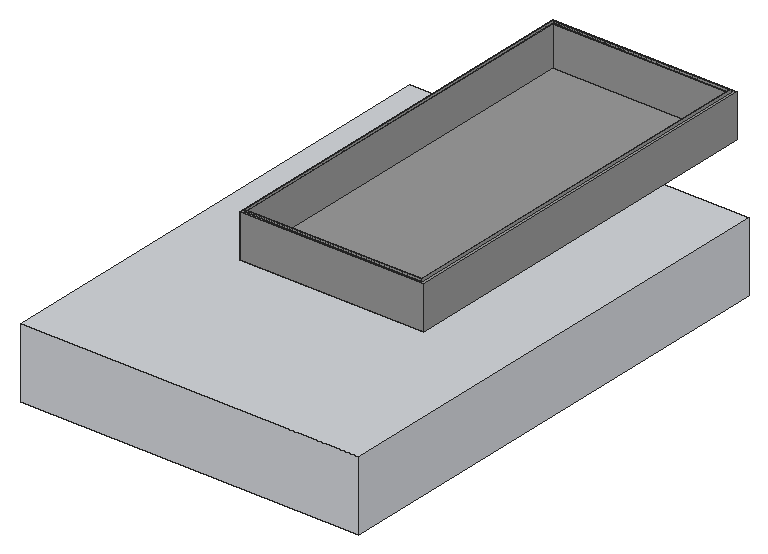
Revit family "Hager-Univers-IP30-D205-H1700-Cl.II-Encl-CH-it", category Equipement électrique, Revit 2020
Family settings
  Hôte = Face
  Configuration du panneau = Deux colonnes, circuits au sein
  Cote de connecteur circulaire = Utiliser le diamètre
  Type d'élément = Tableau de raccordement
  Couper avec des vides une fois chargée = Non
  Partagée = Non
  Point de calcul de pièce = Non
Parameters (values of type "A parete IP30 L800 A1700 P205  - FP13S1N")
  Width Control [instance] = if([EF000008 - Larghezza] > Min Width, [EF000008 - Larghezza], Min Width)  # 800 mm
  Commentaires du type = [HG000003 - Gamma]  # "Univers"
  Thickness Door [instance] = if([EF009171 - spessore materiale porta/coperchio] > 3 mm, 3 mm, [EF009171 - spessore materiale porta/coperchio])  # 1 mm
  Seal Frame Offset [instance] = 17 mm  # constant formula
  Plinth Visibility [instance] = [HG000027 - Altezza dello zoccolo] > 0 mm  # no
  Model = ""
  Min Width [instance] = 100 mm  # constant formula
  Min Height [instance] = 100 mm  # constant formula
  Min Depth [instance] = (2 * [EF009170 - spessore materiale scatola]) + 1 mm  # 3 mm
  Internal Frame Depth [instance] = (Door System Depth * 0.5)  # 9 mm
  Height Control [instance] = if([EF000040 - Altezza] > Min Height, [EF000040 - Altezza], Min Height)  # 1700 mm
  HG000027 - Altezza dello zoccolo = 0 mm
  HG000026 - A pavimento = no
  HG000024 - Altezza della sezione inferiore = 800 mm
  HG000023 - Custodia a doppia sezione = no
  HG000016 - Visibilità delle porte nella vista 3D [instance] = yes
  HG000015 - Visibilità attraverso la porta [instance] = no
  HG000014 - Porta destra [instance] = yes
  HG000013 - Porta sinistra [instance] = not([HG000014 - Porta destra])  # no
  HG000012 - Angolo di apertura della porta [instance] = 30.00°
  HG000010 - Porte asimmetriche = no
  HG000009 - Porta doppia a battente = no
  HG000006 - Ad incasso = no
  HG000004 - Codice produttore = "FP13S1N"
  HG000003 - Gamma = "Univers"
  HG000002 - Con porta = no
  Frame Offset Bottom [instance] = 10 mm  # constant formula
  Frame Offset [instance] = 15 mm  # constant formula
  EF015940 - Coprire con rilascio di sovrapressione = no
  EF011959 - tipo di protezione (NEMA) = ""
  EF009554 - numero delle aperture per la piastra della flangia = 6
  Fabricant = "Hager"  # constant formula
  EF009212 - esecuzione coperchio = "EV009916 - con taglio"
  EF009171 - spessore materiale porta/coperchio = 1 mm
  EF009170 - spessore materiale scatola = 1 mm
  EF008873 - corrente nominale (In) = 400 A
  EF007800 - adatto per parafulmine = no
  EF006306 - con serratura = no
  EF006244 - coperchio/porta trasparente = no
  EF005474 - grado di protezione (IP) = "EV006410 - IP30"
  EF004464 - tipo di porta = "EV000494 - senza"
  EF004427 - numero di moduli = 396
  EF004293 - resistenza agli urti = "EV006813 - IK07"
  EF003532 - adatto per uso esterno = no
  EF002950 - Numero moduli DIN = 36
  EF001613 - Integrità del circuito = "EV000494 - senza"
  EF001596 - Attacco Lampada = "EV000179 - acciaio"
  EF001131 - profondità interna = 130 mm
  EF001088 - possibilità di applicazione = yes
  EF000437 - numero di ingressi per conduttori = 6
  EF000339 - tipo di copertura = "EV000494 - senza"
  EF000266 - numero di file = 11
  EF000218 - profondità di incasso = 205 mm
  EF000118 - con piastra di montaggio = no
  EF000116 - numero RAL = "9010"
  EF000049 - profondità = 205 mm
  EF000040 - Altezza = 1700 mm
  EF000008 - Larghezza = 800 mm
  EF000007 - colore = "EV000202 - bianco"
  EF000003 - Tipo di montaggio = "EV000384 - A parete"
  Door System Leaf Tolerance [instance] = 1.5 mm  # constant formula
  Door System Depth [instance] = 18 mm  # constant formula
  Door Height [instance] = Height Control - [HG000027 - Altezza dello zoccolo]  # 1700 mm
  Depth Control [instance] = if([EF000049 - profondità] > Min Depth, [EF000049 - profondità], Min Depth)  # 205 mm
  Default Elevation = 0 mm
  Connector Offset [instance] = Height Control / 2  # 850 mm
  Bottom Top Plate Trim [instance] = 1.5 mm  # constant formula
  Plinth height Ctrl [instance] = if([HG000027 - Altezza dello zoccolo] > 0 mm, [HG000027 - Altezza dello zoccolo], 12 mm)  # 12 mm
Types (5, lengths in mm): name | Width Control | HG000004 - Codice produttore | EF009554 - numero delle aperture per la piastra della flangia | EF008873 - corrente nominale (In) | EF004427 - numero di moduli | EF002950 - Numero moduli DIN | EF000437 - numero di ingressi per conduttori | EF000008 - Larghezza
  A parete IP30 L1050 A1700 P205  - FP14S1N | 1050 | "FP14S1N" | 8 | 400 A | 528 | 48 | 8 | 1050
  A parete IP30 L1300 A1700 P205  - FP15S1N | 1300 | "FP15S1N" | 10 | 400 A | 660 | 60 | 10 | 1300
  A parete IP30 L300 A1700 P205  - FP11S1N | 300 | "FP11S1N" | 2 | 250 A | 132 | 12 | 2 | 300
  A parete IP30 L550 A1700 P205  - FP12S1N | 550 | "FP12S1N" | 4 | 250 A | 264 | 24 | 4 | 550
  A parete IP30 L800 A1700 P205  - FP13S1N | 800 | "FP13S1N" | 6 | 400 A | 396 | 36 | 6 | 800
Reference planes
  plane 1 "Center (Front/Back)": y = 0
  plane 2: z = 0
  plane 3 "Center (Left/Right)": x = 0
  plane 4: z = 205
  plane 5: y = 1
  plane 6: y = 850
  plane 7: y = 0
  plane 8: y = 1700
  plane 9: z = 0
  plane 10: x = -385
  plane 11: x = 385
  plane 12: x = 384
  plane 13: x = -384
  plane 14: y = 1699
  plane 15: x = -383
  plane 16: x = -400
  plane 17: x = 383
  plane 18: x = 400
  plane 19: x = 399
  plane 20: x = -399
  plane 21: y = 11
  plane 22: y = 1700
  plane 23: y = 1684
  plane 24: z = 187
  plane 25: z = 1
  plane 26: z = 186
  plane 27: z = 204
Forms (mm)
  Extrusion 1, solid
    sketch origin (0, 0, 0) x (1, 0, 0) y (0, 1, 0)
      loop
        line (-702.964, 1305) -> (-702.964, -811.445) -> (766.763, -811.445) -> (766.763, 1305) -> (-702.964, 1305)
    from 0 to -304.8
  Extrusion 2, solid, material "Hager_Steel_RAL7035_Light_Grey", visible <- "Plinth Visibility", detail levels medium+fine
    sketch origin (0, 0, 0) x (1, 0, 0) y (0, 1, 0)
      loop
        line (-400, 0) -> (400, 0) -> (400, 12) -> (-400, 12) -> (-400, 0)
    from 0 to 187
  Extrusion 3, solid, material "Hager_Steel_RAL7035_Light_Grey", detail levels medium+fine
    sketch origin (0, 0, 0) x (1, 0, 0) y (0, 1, 0)
      loop
        line (-400, 0) -> (400, 0) -> (400, 1700) -> (-400, 1700) -> (-400, 0)
    from 0 to 187
  Extrusion 4, void
    sketch origin (0, 0, 0) x (1, 0, 0) y (0, 1, 0)
      loop
        line (-399, 1) -> (399, 1) -> (399, 1699) -> (-399, 1699) -> (-399, 1)
    from 1 to 186
  Extrusion 5, void
    sketch origin (-381.607, -4572, 187) x (0, -1, 0) y (-1, 0, 0)
      loop
        line (-4583, 2.393) -> (-6256, 2.393) -> (-6256, -765.607) -> (-4583, -765.607) -> (-4583, 2.393)
    from 0 to 1 <- "EF009170 - spessore materiale scatola"
  Extrusion 6, solid, material "Hager_Steel_RAL7035_Light_Grey", detail levels fine
    sketch origin (0, 0, 187) x (1, 0, 0) y (0, 1, 0)
      loop
        line (-384, 1684) -> (-384, 11) -> (384, 11) -> (384, 1684) -> (-384, 1684)
      loop
        line (-385, 10) -> (385, 10) -> (385, 1685) -> (-385, 1685) -> (-385, 10)
    from 0 to 9 <- "Internal Frame Depth"
  Extrusion 7, solid, material "Hager_Steel_RAL7035_Light_Grey", detail levels coarse
    sketch origin (0, 0, 0) x (1, 0, 0) y (0, 1, 0)
      loop
        line (-400, 0) -> (400, 0) -> (400, 1700) -> (-400, 1700) -> (-400, 0)
    from 0 to 205
  Sweep 8, void
    path in 3D
      loop
        line (-400, 12, 0) -> (400, 12, 0) -> (400, 12, 187) -> (-400, 12, 187) -> (-400, 12, 0)
    profile origin (-400, 12, 93.5) x (-1, 0, 0) y (0, -1, 0)
      loop
        line (0, 0) -> (0, 1.5) -> (-1.5, 1.5)
        arc (-1.5, 1.5) -> (-1.061, 0.439) -> (0, 0) r 1.5
Cuts and joins
  Extrusion 4, Extrusion 5 cuts Extrusion 3
  Sweep 8 cuts Extrusion 2
Lines and regions (mm)
  Masking region 1
    outline origin (0, 0, 0) x (1, 0, 0) y (0, 0, 1)
      loop
        line (-400, 205) -> (-400, 0) -> (400, 0) -> (400, 205) -> (-400, 205)
  Masking region 2, detail levels medium+fine
    outline origin (0, 140, 0) x (0, 1, 0) y (0, 0, 1)
      loop
        line (-140, 0) -> (1560, 0) -> (1560, 187) -> (-140, 187) -> (-140, 0)
  Masking region 3, not visible, detail levels medium+fine
    outline origin (0, 297.922, 0) x (0, 1, 0) y (0, 0, 1)
      loop
        line (563.578, 0) -> (603.578, 0) -> (603.578, 194)
        arc (603.578, 194) -> (600.649, 201.071) -> (593.578, 204) r 10
        line (593.578, 204) -> (563.578, 204) -> (563.578, 0)
  Masking region 4, detail levels coarse
    outline origin (0, 0, 180) x (0, 1, 0) y (0, 0, 1)
      loop
        line (0, -180) -> (1700, -180) -> (1700, 25) -> (0, 25) -> (0, -180)
  Masking region 5, visible <- "Plinth Visibility", detail levels medium+fine
    outline origin (0, 52.24, 12.345) x (0, 0, -1) y (0, 1, 0)
      loop
        line (10.845, -40.24) -> (-173.155, -40.24)
        arc (-173.155, -40.24) -> (-173.594, -41.301) -> (-174.655, -41.74) r 1.5
        line (-174.655, -41.74) -> (-174.655, -52.24) -> (12.345, -52.24) -> (12.345, -41.74)
        arc (12.345, -41.74) -> (11.285, -41.301) -> (10.845, -40.24) r 1.5
  Masking region 6, detail levels medium+fine
    outline origin (-381.607, -4572, 187) x (-1, 0, 0) y (0, -1, 0)
      loop
        line (18.393, -6272) -> (18.393, -4572) -> (-781.607, -4572) -> (-781.607, -6272) -> (18.393, -6272)
  Masking region 7, visible <- "Plinth Visibility", detail levels medium+fine
    outline origin (-381.607, -4727, 187) x (-1, 0, 0) y (0, -1, 0)
      loop
        arc (16.893, -4739) -> (17.332, -4737.939) -> (18.393, -4737.5) r 1.5
        line (18.393, -4737.5) -> (18.393, -4727) -> (-781.607, -4727) -> (-781.607, -4737.5)
        arc (-781.607, -4737.5) -> (-780.546, -4737.939) -> (-780.107, -4739) r 1.5
        line (-780.107, -4739) -> (16.893, -4739)
  Masking region 8, detail levels coarse
    outline origin (-442.548, -4669.526, 187) x (-1, 0, 0) y (0, -1, 0)
      loop
        line (-42.548, -6369.526) -> (-42.548, -4669.526) -> (-842.548, -4669.526) -> (-842.548, -6369.526) -> (-42.548, -6369.526)
  sketch lines
    curve 1: line (-400, 12, 187) -> (-400, 12, 0)
    curve 2: line (400, 12, 187) -> (-400, 12, 187)
    curve 3: line (400, 12, 187) -> (400, 12, 0)
    curve 4: line (-400, 12, 0) -> (400, 12, 0)
Dimensions and locks
  "Depth Control": plane 4 to Extrusion 1
  "HG000027 - Altezza dello zoccolo": plane 1 "Center (Front/Back)" to plane 7
  "EF009170 - spessore materiale scatola": plane 5 to plane 7
  locked: connector elem to plane 3 "Center (Left/Right)"
  equal spacing: plane 8, plane 6, plane 7
  locked: connector elem to plane 6
  "EF009170 - spessore materiale scatola": plane 8 to plane 14
  "EF009170 - spessore materiale scatola": plane 10 to plane 13
  "EF009170 - spessore materiale scatola": plane 12 to plane 11
  "Frame Offset": plane 20 to plane 13
  "Frame Offset": plane 12 to plane 19
  "EF009170 - spessore materiale scatola": plane 16 to plane 20
  "EF009170 - spessore materiale scatola": plane 19 to plane 18
  "Seal Frame Offset": plane 16 to plane 15
  "Seal Frame Offset": plane 17 to plane 18
  "Frame Offset Bottom": plane 21 to plane 5
  "Frame Offset": plane 14 to plane 23
  equal spacing: plane 16, plane 3 "Center (Left/Right)", plane 18
  "Width Control": plane 16 to plane 18
  "EF009170 - spessore materiale scatola": plane 4 to plane 27
  "EF009170 - spessore materiale scatola": plane 24 to plane 26
  "EF009170 - spessore materiale scatola": plane 25 to level
  "Door System Depth": plane 4 to plane 24
  "Height Control": plane 1 "Center (Front/Back)" to Extrusion 7 sketch curve
  "Height Control": Masking region 4 sketch curve to plane 1 "Center (Front/Back)"
  "Height Control": plane 1 "Center (Front/Back)" to plane 22
  "Bottom Top Plate Trim": profile plane to Sweep 8 sketch curve
  "Bottom Top Plate Trim": Sweep 8 sketch curve to profile plane
  "Plinth height Ctrl": plane 1 "Center (Front/Back)" to Extrusion 2 sketch curve
  "Plinth height Ctrl": Masking region 5 sketch curve to plane 1 "Center (Front/Back)"
  "Plinth height Ctrl": plane 1 "Center (Front/Back)" to Masking region 7 sketch curve
  "Thickness Door": Extrusion 6 sketch curve to Extrusion 6 sketch curve  (x3)
  "Thickness Door": cut or joined group of Extrusion 3, Extrusion 4, Extrusion 5 to Extrusion 6 sketch curve
  radius of Masking region 3 sketch curve = 10 mm
  "Bottom Top Plate Trim": radius of Masking region 5 sketch curve  (x2)
  "Bottom Top Plate Trim": radius of Sweep 8 sketch curve
  "Bottom Top Plate Trim": radius of Masking region 7 sketch curve  (x2)
  aligned and locked: plane 2 to Extrusion 1
  aligned and locked: level to Extrusion 1
  aligned and locked: level to Masking region 1 sketch curve
  aligned and locked: Masking region 1 sketch curve to plane 18
  aligned and locked: Masking region 1 sketch curve to plane 16
  aligned and locked: plane 7 to Masking region 2 sketch curve
  aligned and locked: level to Masking region 3 sketch curve
  aligned and locked: Masking region 3 sketch curve to plane 27
  aligned and locked: level to Masking region 2 sketch curve
  aligned and locked: plane 1 "Center (Front/Back)" to Extrusion 2 sketch curve
  aligned and locked: Extrusion 3 sketch curve to plane 7
  aligned and locked: plane 16 to Extrusion 3 sketch curve
  aligned and locked: plane 18 to Extrusion 3 sketch curve
  aligned and locked: plane 20 to Extrusion 4 sketch curve
  aligned and locked: plane 19 to Extrusion 4 sketch curve
  aligned and locked: Extrusion 4 sketch curve to plane 5
  aligned and locked: Extrusion 4 to plane 25
  aligned and locked: plane 26 to Extrusion 4
  aligned and locked: plane 24 to Extrusion 3
  aligned and locked: Extrusion 5 sketch curve to plane 21
  aligned and locked: Extrusion 5 sketch curve to plane 13
  aligned and locked: Extrusion 5 sketch curve to plane 12
  aligned and locked: plane 18 to Extrusion 7 sketch curve
  aligned and locked: plane 1 "Center (Front/Back)" to Extrusion 7 sketch curve
  aligned and locked: plane 16 to Extrusion 7 sketch curve
  aligned and locked: plane 4 to Extrusion 7
  aligned and locked: Extrusion 7 to level
  aligned and locked: level to Masking region 4 sketch curve
  aligned and locked: Masking region 4 sketch curve to plane 1 "Center (Front/Back)"
  aligned and locked: Masking region 4 sketch curve to plane 4
  aligned and locked: nested 1 to level
  aligned and locked: nested 1 to plane 16
  aligned and locked: plane 8 to Extrusion 3 sketch curve
  aligned and locked: plane 23 to Extrusion 5 sketch curve
  aligned and locked: plane 14 to Extrusion 4 sketch curve
  aligned and locked: Masking region 2 sketch curve to plane 8
  aligned and locked: level to Masking region 5 sketch curve
  aligned and locked: plane 16 to Extrusion 2 sketch curve
  aligned and locked: plane 18 to Extrusion 2 sketch curve
  aligned and locked: Masking region 5 sketch curve to plane 24
  aligned and locked: Masking region 2 sketch curve to plane 24
  aligned and locked: plane 24 to Extrusion 2
  aligned and locked: profile plane to Sweep 8 sketch curve  (x2)
  aligned and locked: Masking region 6 sketch curve to plane 18
  aligned and locked: Masking region 6 sketch curve to plane 22
  aligned and locked: Masking region 6 sketch curve to plane 16
  aligned and locked: plane 8 to plane 22
  aligned and locked: Masking region 6 sketch curve to plane 7
  aligned and locked: Masking region 7 sketch curve to plane 16
  aligned and locked: Masking region 7 sketch curve to plane 1 "Center (Front/Back)"
  aligned and locked: Masking region 7 sketch curve to plane 18
  aligned and locked: Masking region 8 sketch curve to plane 1 "Center (Front/Back)"
  aligned and locked: Masking region 8 sketch curve to plane 18
  aligned and locked: Masking region 8 sketch curve to plane 22
  aligned and locked: Masking region 8 sketch curve to plane 16
  aligned and locked: nested 2 to plane 7
  aligned and locked: plane 3 "Center (Left/Right)" to nested 2
  aligned and locked: nested 2 to plane 24
  aligned and locked: Extrusion 6 sketch curve to cut or joined group of Extrusion 3, Extrusion 4, Extrusion 5  (x4)
Automatic sketch dimensions
  Extrusion 1 sketch curve to Extrusion 1 sketch curve = 1469.727 mm
  Extrusion 1 sketch curve to Extrusion 1 sketch curve = 2116.445 mm
  Masking region 1 sketch curve to plane 4 = 0 mm
  plane 6 to Masking region 3 sketch curve = 11.5 mm
  Masking region 3 sketch curve to Masking region 3 sketch curve = 30 mm
  Masking region 5 sketch curve to plane 1 "Center (Front/Back)" = 0 mm
Nested families
  nested 1: "Hager_Enclosure_Symbol" at (-400, 0, 0) x (1, 0, 0) z (0, -1, 0), Height <- "Depth Control", Width <- "Width Control", type "Hager_Enclosure_Symbol"
    with Width_Ctrl 800 mm, Width 800 mm, Height_Ctrl 205 mm, Height 205 mm, A_Width_Int 13.453 mm, A_Width 161.438 mm, A_Height_Ctrl 179.375 mm, A_Height 179.375 mm
  nested 2: "EC000058_Univers_Door" at (0, 0, 187) x (1, 0, 0) z (0, 1, 0), Leaf_Tolerance <- "Door System Leaf Tolerance", Angle <- "HG000012 - Angolo di apertura della porta", Door_Depth <- "Door System Depth", Door_Left <- "HG000013 - Porta sinistra", Transparent <- "EF006244 - coperchio/porta trasparente", Assymetrical <- "HG000010 - Porte asimmetriche", Width <- "Width Control", Clearance <- "HG000015 - Visibilità attraverso la porta", Double <- "HG000009 - Porta doppia a battente", 3d_Door <- "HG000016 - Visibilità delle porte nella vista 3D", Lock_Visibility <- "EF006306 - con serratura", Width_Ctrl <- "Width Control", Door_Right <- "HG000014 - Porta destra", Door <- "HG000002 - Con porta", Height <- "Door Height", Thickness <- "Thickness Door", type "EC000058_Univers_Door", detail levels medium+fine
    with min_wh 3 mm, Width_Ctrl 800 mm, Width 800 mm, Transparent no, Thickness 1 mm, Seal_Material Hager_Rubber, Lock_Visibility no, Lock_Material Hager_Plastic_RAL9005_Jet_Black, Leaf_Width 800 mm, Leaf_Tolerance_External_Sides 0 mm, Leaf_Tolerance 1.5 mm, Leaf_Offset 0 mm, Leaf_Height 1697 mm, Leaf_2_Width 800 mm, Leaf_2_Offset 400 mm, Leaf_1_Width 800 mm, Leaf_1_Offset 400 mm, Height_Ctrl 1700 mm, Height 1700 mm, Glass_Material Hager_Glass, Double_Clearance_Ctrl no, Double no, Door_Right_Ctrl no, Door_Right yes, Door_Material Hager_Steel_RAL7035_Light_Grey, Door_Left_Ctrl no, Door_Left no, Door_Depth 18 mm, Door no, Clearance_Material Hager_Clearance, Clearance_Depth 800 mm, Clearance_Ctrl no, Clearance no, Assymetrical no, Angle 30.00°, 3d_Door yes
Connectors
  electrical at (0, 850, 0)
    settings: on plane 9, index 1, voltage 0 V, apparent load 0 VA, apparent load phase1 0 VA, apparent load phase2 0 VA, apparent load phase3 0 VA, power factor 1, load classification "Other", number of poles 1, system type 30, power factor state 1, is connector primary yes, connector utility no, sub classification motor no, connector description ""
Definition of nested family "Hager_Enclosure_Symbol"
  Parameters (values of type "Hager_Enclosure_Symbol")
    Width_Ctrl [instance] = if(Width > 1 mm, Width, 1 mm)  # 102.27 mm
    Width [instance] = 102.27 mm
    Height_Ctrl [instance] = if(Height > 1 mm, Height, 1 mm)  # 66.5 mm
    A_Width_Int [instance] = if(A_Width / 12 > 2 mm, A_Width / 12, 2 mm)  # 4.364 mm
    A_Width [instance] = if(A_Height_Ctrl * 0.9 > 2 mm, A_Height_Ctrl * 0.9, 2 mm)  # 52.369 mm
    A_Height_Ctrl [instance] = if(A_Height > 2 mm, A_Height, 2 mm)  # 58.188 mm
    Height [instance] = 66.5 mm
    A_Height [instance] = Height - (Height / 8)  # 58.188 mm
  Reference planes
    plane 1 "Centre (avant/arrière)": y = 0
    plane 2: z = 0
    plane 3 "Centre (gauche/droite)": x = 0
    plane 4: x = 52.369
    plane 5: y = 33.042
    plane 6: y = 41.77
    plane 7: y = 66.5
    plane 8: x = 26.184
    plane 9: y = 37.406
    plane 10: x = 102.27
    plane 11: y = 66.5
    plane 12: y = 8.313
  Lines and regions (mm)
    Filled region 1, type "Solid_Black", in view "Niveau de réf."
      outline origin (0, 0, 0) x (1, 0, 0) y (0, 1, 0)
        loop
          line (52.369, 66.5) -> (33.188, 54.536) -> (45.365, 45.006) -> (52.369, 66.5)
    Filled region 2, type "Solid_Black", in view "Niveau de réf."
      outline origin (0, 0, 0) x (1, 0, 0) y (0, 1, 0)
        loop
          line (0, 0) -> (102.27, 0) -> (102.27, 66.5) -> (0, 0)
    detail lines, in view "Niveau de réf."
      curve 1: line (0, 8.313, 0) -> (26.184, 41.77, 0)
      curve 2: line (26.184, 41.77, 0) -> (26.184, 33.042, 0)
      curve 3: line (26.184, 33.042, 0) -> (52.369, 66.5, 0)
  Dimensions and locks
    "A_Width": plane 3 "Centre (gauche/droite)" to plane 4
    equal spacing: plane 3 "Centre (gauche/droite)", plane 8, plane 4
    equal spacing: plane 6, plane 9, plane 5
    equal spacing: curve 3, Filled region 1 sketch curve, Filled region 1 sketch curve
    "Height_Ctrl": plane 1 "Centre (avant/arrière)" to plane 11
    "A_Height_Ctrl": plane 11 to plane 12
    equal spacing: plane 11, plane 9, plane 12
    "A_Width_Int": plane 6 to plane 9
    "Width_Ctrl": plane 3 "Centre (gauche/droite)" to plane 10
    angle Filled region 1 sketch curve to curve 3 = 20.00°
    angle curve 3 to Filled region 1 sketch curve = 20.00°
    locked: curve 3 to Filled region 1 sketch curve (angle 90.00°)
    aligned and locked: plane 10 to Filled region 2
    aligned and locked: plane 11 to Filled region 2 sketch curve
    aligned and locked: plane 10 to Filled region 2 sketch curve
    aligned and locked: plane 3 "Centre (gauche/droite)" to curve 1
    aligned and locked: plane 12 to curve 1
    aligned and locked: plane 7 to plane 11
  Automatic sketch dimensions
    Filled region 1 sketch curve to plane 4 = 0 mm
    Filled region 1 sketch curve to plane 7 = 0 mm
    plane 1 "Centre (avant/arrière)" to Filled region 2 sketch curve = 0 mm
    Filled region 2 sketch curve to plane 3 "Centre (gauche/droite)" = 0 mm
    curve 2 to plane 6 = 0 mm
    curve 2 to plane 8 = 0 mm
    curve 3 to plane 4 = 0 mm
    curve 2 to plane 5 = 0 mm
    curve 3 to plane 7 = 0 mm
Definition of nested family "EC000058_Univers_Door"
  Parameters (values of type "EC000058_Univers_Door")
    min_wh [instance] = (2 * Thickness) + 1 mm  # 11 mm
    Width_Ctrl [instance] = 400 mm
    Width [instance] = 500 mm
    Transparent [instance] = yes
    Thickness [instance] = 5 mm
    Seal_Material [instance] = none
    Lock_Visibility [instance] = yes
    Lock_Material [instance] = none
    Leaf_Width [instance] = if((Width_Ctrl - 2 * Leaf_Tolerance_External_Sides) > 0 mm, (Width_Ctrl - 2 * Leaf_Tolerance_External_Sides), min_wh)  # 400 mm
    Leaf_Tolerance_External_Sides [instance] = 0 mm  # constant formula
    Leaf_Tolerance [instance] = 1.5 mm
    Leaf_Offset [instance] = 0 mm  # constant formula
    Leaf_Height [instance] = if((Height_Ctrl - 2 * Leaf_Tolerance) > 0 mm, (Height_Ctrl - 2 * Leaf_Tolerance), min_wh)  # 497 mm
    Leaf_2_Width [instance] = if(and(and(Double, Assymetrical), Door_Left), (Leaf_Width / 3) - (Leaf_Tolerance / 2), if(and(and(Double, Assymetrical), Door_Right), (Leaf_Width / 3) * 2 - (Leaf_Tolerance / 2), if(and(Double, not(Assymetrical)), (Leaf_Width / 2) - Leaf_Tolerance, Leaf_Width)))  # 400 mm
    Leaf_2_Offset [instance] = if(and(Double, Assymetrical), Leaf_2_Width / 2, if(and(Double, not(Assymetrical)), Leaf_Width / 4, Leaf_Width / 2))  # 200 mm
    Leaf_1_Width [instance] = if(and(and(Double, Assymetrical), Door_Right), (Leaf_Width / 3) - (Leaf_Tolerance / 2), if(and(and(Double, Assymetrical), Door_Left), (Width / 3) * 2 - (Leaf_Tolerance / 2), if(and(Double, not(Assymetrical)), (Leaf_Width / 2) - Leaf_Tolerance, Leaf_Width)))  # 400 mm
    Leaf_1_Offset [instance] = if(and(Double, Assymetrical), Leaf_1_Width / 2, if(and(Double, not(Assymetrical)), Leaf_Width / 4, Leaf_Width / 2))  # 200 mm
    Height_Ctrl [instance] = if(Height > min_wh, Height, min_wh)  # 500 mm
    Height [instance] = 500 mm
    Glass_Material [instance] = none
    Double_Clearance_Ctrl [instance] = and(Double, Clearance)  # no
    Double [instance] = no
    Door_Right_Ctrl [instance] = and(or(Door_Right, Double), Door)  # yes
    Door_Right [instance] = yes
    Door_Material [instance] = none
    Door_Left_Ctrl [instance] = and(or(Door_Left, Double), Door)  # no
    Door_Left [instance] = no
    Door_Depth [instance] = 30 mm
    Door [instance] = yes
    Default Elevation = 1219.2 mm
    Clearance_Material [instance] = none
    Clearance_Depth [instance] = if(Leaf_1_Width > Leaf_2_Width, Leaf_1_Width, Leaf_2_Width)  # 400 mm
    Clearance_Ctrl [instance] = and(not(Double), Clearance)  # yes
    Clearance [instance] = yes
    Assymetrical [instance] = yes
    Angle [instance] = 30.00°
    3d_Door [instance] = yes
  Reference planes
    plane 1 "Center (Front/Back)": y = 0
    plane 2 "Bottom": z = 0
    plane 3 "Center (Left/Right)": x = 0
    plane 4: z = 500
    plane 5: x = -200
    plane 6: x = 200
    plane 7: z = 500
    plane 8: x = -200
    plane 9: z = 0
    plane 10: x = 200
    plane 11: y = 0
    plane 12: z = 1.5
    plane 13: x = -600
    plane 14: y = -400
    plane 15: x = 600
    plane 16: x = 0
    plane 17: x = 0
    plane 18: x = -200
    plane 19: x = 200
    plane 20: z = 498.5
  Forms (mm)
    Extrusion 1, solid, material <- "Clearance_Material", visible <- "Double_Clearance_Ctrl"
      sketch origin (1200, 0, 0) x (1, 0, 0) y (0, 0, -1)
        loop
          line (-1800, -498.5) -> (-600, -498.5) -> (-600, 0) -> (-1800, 0) -> (-1800, -498.5)
      from 0 to -400
  Dimensions and locks
    equal spacing: plane 5, plane 3 "Center (Left/Right)", plane 6
    "Width_Ctrl": plane 5 to plane 6
    "Leaf_Offset": plane 5 to plane 8
    "Leaf_Offset": plane 6 to plane 10
    "Leaf_Offset": plane 9 to level
    "Leaf_Offset": plane 4 to plane 7
    "Height_Ctrl": plane 4 to level
    "Leaf_Tolerance": plane 12 to plane 9
    locked: plane 11 to plane 1 "Center (Front/Back)"
    "Leaf_1_Offset": plane 18 to plane 16
    "Leaf_2_Offset": plane 17 to plane 19
    "Leaf_1_Width": plane 13 to plane 8
    "Leaf_2_Width": plane 10 to plane 15
    "Clearance_Depth": plane 14 to plane 1 "Center (Front/Back)"
    "Leaf_Tolerance_External_Sides": plane 8 to plane 18
    "Leaf_Tolerance_External_Sides": plane 19 to plane 10
    "Leaf_Tolerance": plane 7 to plane 20
    aligned and locked: level to plane 2 "Bottom"
    aligned and locked: nested 1 to plane 16
    aligned and locked: nested 2 to plane 17
    aligned and locked: Extrusion 1 to plane 13
    aligned and locked: plane 15 to Extrusion 1
    aligned and locked: Extrusion 1 to plane 14
    aligned and locked: plane 12 to nested 1
    aligned and locked: nested 2 to plane 12
    aligned and locked: Extrusion 1 to plane 11
    aligned and locked: plane 20 to Extrusion 1
    aligned and locked: nested 2 to plane 11
    aligned and locked: nested 1 to plane 11
  Automatic sketch dimensions
    Extrusion 1 sketch curve to level = 0 mm
    plane 5 to Extrusion 1 sketch curve = 400 mm
    plane 6 to Extrusion 1 sketch curve = 400 mm
    Extrusion 1 sketch curve to plane 4 = 1.5 mm
  Nested families
    nested 1: "EC000058_Univers_Door_Leaf" at (0, 0, 1.5), Width <- "Leaf_1_Width", visible <- "Door_Left_Ctrl", Leaf_Height <- "Leaf_Height", Angle <- "Angle", 3d_Door <- "3d_Door", Transparent <- "Transparent", Clearance Material <- "Clearance_Material", Clearance <- "Clearance_Ctrl", Door_Material <- "Door_Material", Glass_Material <- "Glass_Material", Door_Depth <- "Door_Depth", Lock_Material <- "Lock_Material", Seal_Material <- "Seal_Material", Lock_Visibility <- "Lock_Visibility", Thickness <- "Thickness", type "EC000058_Univers_Door_Leaf"
      with Width 400 mm, Transparent_Glass_Offset 30 mm, Transparent_Ctrl yes, Transparent yes, Thickness 5 mm, Standard no, Seal_Material none, Seal_D2 8 mm, Seal_D1 1 mm, Offset_Internal_Frame 10 mm, Lock_Width 20 mm, Lock_Visibility_3d yes, Lock_Visibility yes, Lock_Thickness_3 3 mm, Lock_Thickness_2 1 mm, Lock_Thickness_1 3 mm, Lock_Radius_Offset_2 16 mm, Lock_Radius_Offset_1 15 mm, Lock_Radius_2 5 mm, Lock_Radius 6 mm, Lock_Offset 5 mm, Lock_Material none, Lock_Height 80 mm, Lock_Cover_Top_Offset_2d 17 mm, Lock_Cover_Height -65 mm, Leaf_Height 497 mm, Internal_Seal_Thickness 8 mm, Internal_Seal_Depth_2 4.5 mm, Internal_Frame_Depth 25 mm, Glass_Thickness -1 mm, Glass_Offset -2 mm, Glass_Material none, Door_Material none, Door_Depth 30 mm, Clearance Material none, Clearance yes, Angle_Ctrl 30.00°, Angle 30.00°, 3d_Door yes
    nested 2: "EC000058_Univers_Door_Leaf" at (0, 0, 1.5) x (-1, 0, 0) z (0, 0, 1), Width <- "Leaf_2_Width", visible <- "Door_Right_Ctrl", Leaf_Height <- "Leaf_Height", Angle <- "Angle", 3d_Door <- "3d_Door", Transparent <- "Transparent", Clearance Material <- "Clearance_Material", Clearance <- "Clearance_Ctrl", Door_Material <- "Door_Material", Glass_Material <- "Glass_Material", Door_Depth <- "Door_Depth", Lock_Material <- "Lock_Material", Seal_Material <- "Seal_Material", Lock_Visibility <- "Lock_Visibility", Thickness <- "Thickness", type "EC000058_Univers_Door_Leaf"
      with Width 400 mm, Transparent_Glass_Offset 30 mm, Transparent_Ctrl yes, Transparent yes, Thickness 5 mm, Standard no, Seal_Material none, Seal_D2 8 mm, Seal_D1 1 mm, Offset_Internal_Frame 10 mm, Lock_Width 20 mm, Lock_Visibility_3d yes, Lock_Visibility yes, Lock_Thickness_3 3 mm, Lock_Thickness_2 1 mm, Lock_Thickness_1 3 mm, Lock_Radius_Offset_2 16 mm, Lock_Radius_Offset_1 15 mm, Lock_Radius_2 5 mm, Lock_Radius 6 mm, Lock_Offset 5 mm, Lock_Material none, Lock_Height 80 mm, Lock_Cover_Top_Offset_2d 17 mm, Lock_Cover_Height -65 mm, Leaf_Height 497 mm, Internal_Seal_Thickness 8 mm, Internal_Seal_Depth_2 4.5 mm, Internal_Frame_Depth 25 mm, Glass_Thickness -1 mm, Glass_Offset -2 mm, Glass_Material none, Door_Material none, Door_Depth 30 mm, Clearance Material none, Clearance yes, Angle_Ctrl 30.00°, Angle 30.00°, 3d_Door yes
  Definition of nested family "EC000058_Univers_Door_Leaf"
    Parameters (values of type "EC000058_Univers_Door_Leaf")
      Width [instance] = 2000 mm
      Transparent_Glass_Offset [instance] = 30 mm
      Transparent_Ctrl [instance] = and(Transparent, [3d_Door])  # yes
      Transparent [instance] = yes
      Thickness [instance] = 5 mm
      Standard [instance] = and(not(Transparent), [3d_Door])  # no
      Seal_Material [instance] = none
      Seal_D2 [instance] = 8 mm  # constant formula
      Seal_D1 [instance] = 1 mm  # constant formula
      Offset_Internal_Frame [instance] = 10 mm  # constant formula
      Lock_Width [instance] = 20 mm  # constant formula
      Lock_Visibility_3d [instance] = and(Lock_Visibility, [3d_Door])  # yes
      Lock_Visibility [instance] = yes
      Lock_Thickness_3 [instance] = 3 mm  # constant formula
      Lock_Thickness_2 [instance] = 1 mm  # constant formula
      Lock_Thickness_1 [instance] = 3 mm  # constant formula
      Lock_Radius_Offset_2 [instance] = Lock_Radius_Offset_1 + 1 mm  # 16 mm
      Lock_Radius_Offset_1 [instance] = 15 mm  # constant formula
      Lock_Radius_2 [instance] = Lock_Radius - 1 mm  # 5 mm
      Lock_Radius [instance] = 6 mm  # constant formula
      Lock_Offset [instance] = 5 mm  # constant formula
      Lock_Material [instance] = none
      Lock_Height [instance] = 80 mm  # constant formula
      Lock_Cover_Top_Offset_2d [instance] = Lock_Radius_Offset_2 + 1 mm  # 17 mm
      Lock_Cover_Height [instance] = -(Lock_Height - Lock_Radius_Offset_1)  # -65 mm
      Leaf_Height [instance] = 2720.336 mm
      Internal_Seal_Thickness [instance] = 8 mm  # constant formula
      Internal_Seal_Depth_2 [instance] = 4.5 mm  # constant formula
      Internal_Frame_Depth [instance] = if(Door_Depth - Thickness > 5 mm, Door_Depth - Thickness, 5 mm)  # 25 mm
      Glass_Thickness [instance] = if(Thickness > 15 mm, Glass_Offset + 10 mm, -1 mm)  # -1 mm
      Glass_Offset [instance] = if(Thickness > 15 mm, -(Thickness + 10 mm) / 2, -2 mm)  # -2 mm
      Glass_Material [instance] = none
      Door_Material [instance] = none
      Door_Depth [instance] = 30 mm
      Default Elevation = 0 mm
      Clearance Material [instance] = none
      Clearance [instance] = yes
      Angle_Ctrl [instance] = if(Angle > 180.00°, 180.00°, Angle)  # 90.00°
      Angle [instance] = 90.00°
      3d_Door [instance] = yes
    Reference planes
      plane 1 "Center (Front/Back)": y = 0
      plane 2: z = 0
      plane 3 "Center (Left/Right)": x = 0
      plane 4: y = 2000
      plane 5: x = -1000
      plane 6: x = 1000
      plane 7: x = -3000
      plane 8: z = 2720.336
      plane 9: z = 30
      plane 10: z = 2690.336
      plane 11: x = 970
      plane 12: x = -970
      plane 13: y = -3
      plane 14: z = 107.833
      plane 15: y = -5
      plane 16: y = -223.314
      plane 17: x = -1000
      plane 18: z = 1360.168
      plane 19: y = 30
    Forms (mm)
      Extrusion 1, solid, material <- "Clearance Material", visible <- "Clearance"
        sketch origin (0, 0, 0) x (1, 0, 0) y (0, 0, 1)
          loop
            line (-3000, 2720.336) -> (-3000, 0) -> (1000, 0) -> (1000, 2720.336) -> (-3000, 2720.336)
        from 0 to -2000
      Extrusion 2, solid, material <- "Door_Material", visible <- "Standard", detail levels medium+fine
        sketch origin (-1000, 0, 0) x (0, 1, 0) y (-1, 0, 0)
          loop
            line (0, 30) -> (0, 25) -> (2000, 25) -> (2000, 30) -> (0, 30)
        from 0 to 2720.336 <- "Leaf_Height"
      Extrusion 3, solid, material <- "Door_Material", visible <- "Transparent_Ctrl", detail levels medium+fine
        sketch origin (-1000, 0, 0) x (0, 1, 0) y (-1, 0, 0)
          loop
            line (0, 25) -> (2000, 25) -> (2000, 30) -> (0, 30) -> (0, 25)
        from 0 to 2720.336 <- "Leaf_Height"
      Extrusion 4, void
        sketch origin (-1025, 2000, 0) x (0, 1, 0) y (0, 0, -1)
          loop
            line (-30, -2690.336) -> (-30, -30) -> (-1970, -30) -> (-1970, -2690.336) -> (-30, -2690.336)
        from 0 to 5 <- "Thickness"
      Sweep 5, solid, material <- "Seal_Material", visible <- "Transparent_Ctrl", detail levels fine
        path in 3D
          loop
            line (-1025, 30, 30) -> (-1025, 30, 2690.336) -> (-1025, 1970, 2690.336) -> (-1025, 1970, 30) -> (-1025, 30, 30)
        profile origin (-1025, 1000, 30) x (1, 0, 0) y (0, 0, 1)
          loop
            line (0, 0) -> (0, -8) -> (1, -8) -> (1, 0) -> (0, 0)
      Extrusion 6, solid, material <- "Glass_Material", visible <- "Transparent_Ctrl", detail levels medium+fine
        sketch origin (-1030, 0, 0) x (0, 1, 0) y (0, 0, -1)
          loop
            line (1970, -2690.336) -> (1970, -30) -> (30, -30) -> (30, -2690.336) -> (1970, -2690.336)
        from -2 <- "Glass_Offset" to -1 <- "Glass_Thickness"
      Extrusion 7, solid, material <- "Door_Material", visible <- "3d_Door", detail levels medium+fine
        sketch origin (-1025, 2000, 0) x (0, -1, 0) y (0, 0, -1)
          loop
            line (0, -2720.336) -> (2000, -2720.336) -> (2000, 0) -> (0, 0) -> (0, -2720.336)
          loop
            line (1995, -5) -> (5, -5) -> (5, -2715.336) -> (1995, -2715.336) -> (1995, -5)
        from 0 to 25 <- "Internal_Frame_Depth"
      Sweep 8, solid, material <- "Seal_Material", visible <- "Transparent_Ctrl", detail levels fine
        path in 3D
          loop
            line (-1025, 0, 0) -> (-1025, 2000, 0) -> (-1025, 2000, 2720.336) -> (-1025, 0, 2720.336) -> (-1025, 0, 0)
        profile origin (-1025, 0, 1360.168) x (1, 0, 0) y (0, 1, 0)
          loop
            line (0, 10) -> (2.975, 10)
            arc (2.975, 10) -> (4.053, 10.447) -> (4.5, 11.525) r 1.525
            line (4.5, 11.525) -> (4.5, 16.527)
            arc (4.5, 16.527) -> (4.069, 17.569) -> (3.027, 18) r 1.473
            line (3.027, 18) -> (0, 18) -> (0, 10)
      Extrusion 9, solid, material <- "Lock_Material", visible <- "Lock_Visibility_3d", detail levels fine
        sketch origin (-1030, 0, 0) x (0, 1, 0) y (0, 0, -1)
          loop
            arc (1993.5, -1400.168) -> (1994.561, -1399.729) -> (1995, -1398.668) r 1.5
            line (1995, -1398.668) -> (1995, -1320.168) -> (1975, -1320.168) -> (1975, -1398.668)
            arc (1975, -1398.668) -> (1975.439, -1399.729) -> (1976.5, -1400.168) r 1.5
            line (1976.5, -1400.168) -> (1993.5, -1400.168)
        from 3 <- "Lock_Thickness_1" to 0
      Blend 10, solid, material <- "Lock_Material", visible <- "Lock_Visibility_3d", detail levels fine
        base sketch origin (-1033, 0, 0) x (0, 1, 0) y (0, 0, -1)
          loop
            line (1975, -1320.168) -> (1975, -1398.668)
            arc (1975, -1398.668) -> (1975.439, -1399.729) -> (1976.5, -1400.168) r 1.5
            line (1976.5, -1400.168) -> (1993.5, -1400.168)
            arc (1993.5, -1400.168) -> (1994.561, -1399.729) -> (1995, -1398.668) r 1.5
            line (1995, -1398.668) -> (1995, -1320.168) -> (1975, -1320.168)
        top sketch origin (-1033, 0, 0) x (0, 1, 0) y (0, 0, -1)
          loop
            line (1976, -1320.168) -> (1976, -1398.668)
            arc (1976, -1398.668) -> (1976.146, -1399.022) -> (1976.5, -1399.168) r 0.5
            line (1976.5, -1399.168) -> (1993.5, -1399.168)
            arc (1993.5, -1399.168) -> (1993.854, -1399.022) -> (1994, -1398.668) r 0.5
            line (1994, -1398.668) -> (1994, -1320.168) -> (1976, -1320.168)
        from 0 to 1 <- "Lock_Thickness_2"
      Blend 11, solid, material <- "Lock_Material", visible <- "Lock_Visibility_3d", detail levels fine
        base sketch origin (-1034, 0, 0) x (0, 1, 0) y (0, 0, -1)
          loop
            line (1978, -1320.168) -> (1978, -1384.168)
            arc (1978, -1384.168) -> (1985, -1391.168) -> (1992, -1384.168) r 7
            line (1992, -1384.168) -> (1992, -1320.168) -> (1978, -1320.168)
        top sketch origin (-1034, 0, 0) x (0, 1, 0) y (0, 0, -1)
          loop
            line (1991, -1320.168) -> (1979, -1320.168) -> (1979, -1383.168)
            arc (1979, -1383.168) -> (1985, -1389.168) -> (1991, -1383.168) r 6
            line (1991, -1383.168) -> (1991, -1320.168)
        from 0 to 3 <- "Lock_Thickness_3"
      Extrusion 12, solid, material <- "Lock_Material", visible <- "Lock_Visibility_3d", detail levels fine
        sketch origin (-1030, 1975, 1320.168) x (1, 0, 0) y (0, -1, 0)
          loop
            line (-7, -19) -> (-7, -1) -> (0, -1) -> (0, 0) -> (-8, 0) -> (-8, -20) -> (0, -20) -> (0, -19) -> (-7, -19)
        from 0 to -65 <- "Lock_Cover_Height"
      Extrusion 13, void
        sketch origin (-1038, 1995, 1320.168) x (-1, 0, 0) y (0, 0, -1)
          loop
            line (-5, -65) -> (0, -65) -> (-5, -60) -> (-5, -65)
        from 0 to 20 <- "Lock_Width"
      Extrusion 14, void
        sketch origin (-1038, 1975, 1320.168) x (0, -1, 0) y (0, 0, -1)
          loop
            circle (-10, -15.995) r 6
          loop
            circle (-10, -15.995) r 5
        from 0 to 2
      Extrusion 15, solid, material <- "Lock_Material", visible <- "Lock_Visibility_3d", detail levels medium
        sketch origin (-1030, 0, 0) x (0, 1, 0) y (0, 0, -1)
          loop
            arc (1993.5, -1400.168) -> (1994.561, -1399.729) -> (1995, -1398.668) r 1.5
            line (1995, -1398.668) -> (1995, -1320.168) -> (1975, -1320.168) -> (1975, -1398.668)
            arc (1975, -1398.668) -> (1975.439, -1399.729) -> (1976.5, -1400.168) r 1.5
            line (1976.5, -1400.168) -> (1993.5, -1400.168)
        from 8 to 0
    Cuts and joins
      Extrusion 4 cuts Extrusion 3
      Extrusion 13, Extrusion 14 cuts Extrusion 9
      Extrusion 14 cuts Blend 11
      Extrusion 13, Extrusion 14 cuts Extrusion 12
      joined: Extrusion 9, Blend 10, Blend 11, Extrusion 12
      Extrusion 14 cuts Extrusion 15
    Lines and regions (mm)
      Masking region 1, visible <- "Lock_Visibility", detail levels fine
        outline origin (0, 0, 0) x (0, 1, 0) y (0, 0, 1)
          loop
            line (30, 1320.168) -> (33, 1320.168) -> (33, 1400.168) -> (30, 1400.168) -> (30, 1320.168)
      Masking region 2, visible <- "Lock_Visibility", detail levels fine
        outline origin (0, 3.143, 0) x (0, 1, 0) y (0, 0, 1)
          loop
            line (29.857, 1354.168) -> (30.857, 1354.168) -> (30.857, 1366.168) -> (29.857, 1366.168) -> (29.857, 1354.168)
      Masking region 3, detail levels medium+fine
        outline origin (0, 0, 0) x (0, 1, 0) y (0, 0, 1)
          loop
            line (0, 0) -> (30, 0) -> (30, 2720.336) -> (0, 2720.336) -> (0, 0)
      Masking region 4, detail levels medium+fine
        outline origin (0, 0, 0) x (1, 0, 0) y (0, 0, 1)
          loop
            line (-1000, 2720.336) -> (-1000, 0) -> (1000, 0) -> (1000, 2720.336) -> (-1000, 2720.336)
      Masking region 5, visible <- "Lock_Visibility", detail levels fine
        outline origin (-47.116, 0, 0) x (1, 0, 0) y (0, 0, 1)
          loop
            arc (1024.616, 1399.168) -> (1023.556, 1398.729) -> (1023.116, 1397.668) r 1.5
            line (1023.116, 1397.668) -> (1023.116, 1320.168) -> (1041.116, 1320.168) -> (1041.116, 1397.668)
            arc (1041.116, 1397.668) -> (1040.677, 1398.729) -> (1039.616, 1399.168) r 1.5
            line (1039.616, 1399.168) -> (1024.616, 1399.168)
      Masking region 6, visible <- "Lock_Visibility", detail levels medium+fine
        outline origin (-25, 0, 0) x (1, 0, 0) y (0, 0, 1)
          loop
            arc (1001.5, 1400.168) -> (1000.439, 1399.729) -> (1000, 1398.668) r 1.5
            line (1000, 1398.668) -> (1000, 1320.168) -> (1020, 1320.168) -> (1020, 1398.668)
            arc (1020, 1398.668) -> (1019.561, 1399.729) -> (1018.5, 1400.168) r 1.5
            line (1018.5, 1400.168) -> (1001.5, 1400.168)
      Masking region 7, visible <- "Lock_Visibility", detail levels fine
        outline origin (-73.735, 0, 0) x (1, 0, 0) y (0, 0, 1)
          loop
            line (1051.735, 1382.168) -> (1065.735, 1382.168) -> (1065.735, 1384.168)
            arc (1065.735, 1384.168) -> (1058.735, 1391.168) -> (1051.735, 1384.168) r 7
            line (1051.735, 1384.168) -> (1051.735, 1382.168)
      Masking region 8, visible <- "Lock_Visibility", detail levels fine
        outline origin (-73.735, 0, 0) x (1, 0, 0) y (0, 0, 1)
          loop
            line (1052.735, 1382.168) -> (1064.735, 1382.168) -> (1064.735, 1383.168)
            arc (1064.735, 1383.168) -> (1058.735, 1389.168) -> (1052.735, 1383.168) r 6
            line (1052.735, 1383.168) -> (1052.735, 1382.168)
      Masking region 9, visible <- "Lock_Visibility", detail levels fine
        outline origin (-25, 0, 0) x (1, 0, 0) y (0, 0, 1)
          loop
            line (1020, 1320.168) -> (1020, 1382.168) -> (1000, 1382.168) -> (1000, 1320.168) -> (1020, 1320.168)
      Masking region 10, detail levels medium+fine
        outline origin (0, 0, 0) x (1, 0, 0) y (0, 0, 1)
          loop
            circle (985, 1335.144) r 6
      Masking region 11, detail levels fine
        outline origin (0, 0, 0) x (1, 0, 0) y (0, 0, 1)
          loop
            circle (985, 1335.144) r 5
      Masking region 12, visible <- "Lock_Visibility", detail levels fine
        outline origin (0, 12.767, 0) x (0, 1, 0) y (0, 0, 1)
          loop
            line (20.233, 1320.168) -> (21.233, 1320.168) -> (21.233, 1399.168) -> (20.233, 1400.168) -> (20.233, 1320.168)
      Masking region 13, visible <- "Lock_Visibility", detail levels fine
        outline origin (0, 13.767, -10) x (0, 1, 0) y (0, 0, 1)
          loop
            line (20.233, 1330.168) -> (23.233, 1330.168) -> (23.233, 1399.168) -> (20.233, 1402.168) -> (20.233, 1330.168)
      Masking region 14, visible <- "Lock_Visibility", detail levels fine
        outline origin (0, 12.767, -10) x (0, 1, 0) y (0, 0, 1)
          loop
            line (20.233, 1330.168) -> (25.233, 1330.168) -> (25.233, 1399.305) -> (20.233, 1394.305) -> (20.233, 1330.168)
      Masking region 15, visible <- "Lock_Visibility", detail levels medium
        outline origin (0, 0, 0) x (0, 1, 0) y (0, 0, 1)
          loop
            line (30, 1320.168) -> (38, 1320.168) -> (38, 1400.168) -> (30, 1400.168) -> (30, 1320.168)
      Masking region 16, visible <- "Lock_Visibility", detail levels fine
        outline origin (-1000, 0, 0) x (0, 1, 0) y (-1, 0, 0)
          loop
            line (1975, 30) -> (1995, 30) -> (1995, 38) -> (1975, 38) -> (1975, 30)
          loop
            line (1979, 37) -> (1976, 37) -> (1976, 34) -> (1978, 34) -> (1979, 37)
          loop
            line (1994, 37) -> (1991, 37) -> (1992, 34) -> (1994, 34) -> (1994, 37)
      Masking region 17, visible <- "Lock_Visibility", detail levels medium
        outline origin (-1000, 0, 0) x (0, 1, 0) y (-1, 0, 0)
          loop
            line (1975, 30) -> (1995, 30) -> (1995, 38) -> (1975, 38) -> (1975, 30)
      symbolic lines
        curve 1: line (1000, 0, 0) -> (-3000, 0, 0)
        curve 2: arc (1000, 0, 0) -> (-1000, 2000, 0) -> (-3000, 0, 0) r 2000
        curve 4: line (-1030, 0, 0) -> (-1030, 2000, 0)
      reference lines
        curve 3: line (-1000, 0, 0) -> (-1000, 2000, 0)
      symbolic lines, detail levels medium+fine
        curve 5: line (-1030, 2000, 0) -> (-1025, 2000, 0)
        curve 7: line (-1025, 0, 0) -> (-1030, 0, 0)
        curve 8: line (-1025, 0, 0) -> (-1000, 0, 0)
        curve 9: line (-1000, 0, 0) -> (-1000, 2000, 0)
        curve 10: line (-1000, 2000, 0) -> (-1025, 2000, 0)
      symbolic lines, detail levels fine
        curve 6: line (-1025, 2000, 0) -> (-1025, 0, 0)
      sketch lines
        curve 11: line (-1025, 0, 2720.336) -> (-1025, 0, 0)
        curve 12: line (-1025, 2000, 0) -> (-1025, 0, 0)
        curve 13: line (-1025, 2000, 2720.336) -> (-1025, 2000, 0)
        curve 14: line (-1025, 0, 2720.336) -> (-1025, 2000, 2720.336)
        curve 15: line (-1025, 1970, 30) -> (-1025, 30, 30)
        curve 16: line (-1025, 30, 30) -> (-1025, 30, 2690.336)
        curve 17: line (-1025, 1970, 2690.336) -> (-1025, 1970, 30)
        curve 18: line (-1025, 30, 2690.336) -> (-1025, 1970, 2690.336)
      symbolic lines, visible <- "Transparent", detail levels medium+fine
        curve 19: line (-970, 0, 2690.336) -> (970, 0, 2690.336)
        curve 20: line (-970, 0, 30) -> (-970, 0, 2690.336)
        curve 21: line (970, 0, 30) -> (-970, 0, 30)
        curve 22: line (970, 0, 2690.336) -> (970, 0, 30)
    Dimensions and locks
      "Width": plane 1 "Center (Front/Back)" to plane 4
      equal spacing: plane 5, plane 3 "Center (Left/Right)", plane 6
      "Width": plane 5 to plane 6
      "Width": plane 7 to plane 5
      "Leaf_Height": plane 8 to level
      "Width": curve 5 to curve 3
      "Width": curve 3 to curve 3
      plane 8 to plane 10 = 30 mm
      plane 9 to level = 30 mm
      plane 12 to plane 5 = 30 mm
      plane 6 to plane 11 = 30 mm
      Extrusion 1 to Extrusion 4 sketch curve = 30 mm
      "Transparent_Glass_Offset": curve 3 to Extrusion 4 sketch curve
      "Transparent_Glass_Offset": Extrusion 4 sketch curve to cut or joined group of Extrusion 3, Extrusion 4  (x2)
      cut or joined group of Extrusion 3, Extrusion 4 to Extrusion 6 sketch curve = 30 mm
      "Transparent_Glass_Offset": cut or joined group of Extrusion 3, Extrusion 4 to Extrusion 4 sketch curve
      "Thickness": curve 6 to curve 4
      "Thickness": Extrusion 7 sketch curve to Extrusion 7 sketch curve  (x4)
      "Door_Depth": curve 4 to curve 3
      "Offset_Internal_Frame": profile plane to Sweep 8 sketch curve
      "Internal_Seal_Thickness": Sweep 8 sketch curve to Sweep 8 sketch curve
      "Internal_Seal_Depth_2": profile plane to Sweep 8 sketch curve
      "Seal_D1": profile plane to Sweep 5 sketch curve
      "Seal_D2": profile plane to Sweep 5 sketch curve
      "Thickness": Extrusion 2 sketch curve to Extrusion 2 sketch curve
      equal spacing: Extrusion 9 sketch curve, plane 18, Extrusion 9 sketch curve  (x2)
      equal spacing: Masking region 1 sketch curve, plane 18, Masking region 1 sketch curve
      "Lock_Height": Masking region 1 sketch curve to Masking region 1 sketch curve
      "Lock_Radius": Masking region 2 sketch curve to plane 18 to Masking region 2 sketch curve
      Masking region 2 sketch curve to Masking region 1 = 1 mm
      "Door_Depth": plane 19 to plane 1 "Center (Front/Back)"
      "Lock_Thickness_1": Masking region 1 sketch curve to plane 19
      "Lock_Width": Extrusion 9 sketch curve to Extrusion 9 sketch curve
      "Lock_Height": Extrusion 9 sketch curve to Extrusion 9 sketch curve
      "Lock_Offset": cut or joined group of Extrusion 3, Extrusion 4 to Extrusion 9 sketch curve
      equal spacing: plane 8, plane 18, level
      "Lock_Radius_Offset_1": Blend 11 sketch curve to Blend 10
      locked: Blend 10 to Blend 11 sketch curve at 2  (x2)
      locked: var sketch to Blend 11 sketch curve at 1  (x2)
      "Lock_Radius_Offset_2": Blend 11 sketch curve to Blend 10
      locked: Extrusion 12 sketch curve to Extrusion 12 sketch curve at 1  (x3)
      Masking region 6 sketch curve to Masking region 6 sketch curve = 80 mm
      "Lock_Height": Masking region 6 sketch curve to Masking region 6 sketch curve
      "Lock_Width": Masking region 6 sketch curve to Masking region 6 sketch curve
      locked: Masking region 6 to Masking region 5 sketch curve at 1  (x3)
      locked: Masking region 5 to Masking region 7 sketch curve at 2  (x2)
      "Lock_Radius_Offset_1": Masking region 5 to Masking region 7 sketch curve
      "Lock_Radius_Offset_2": Masking region 5 to Masking region 8 sketch curve
      locked: Masking region 7 to Masking region 8 sketch curve at 1  (x2)
      "Lock_Cover_Top_Offset_2d": Masking region 5 to Masking region 9 sketch curve
      equal spacing: Masking region 9, Masking region 10 sketch curve, Masking region 9
      equal spacing: Masking region 9, Masking region 11 sketch curve, Masking region 9
      Extrusion 15 sketch curve to Extrusion 15 sketch curve = 80 mm
      "Lock_Width": Extrusion 15 sketch curve to Extrusion 15 sketch curve
      "Lock_Height": Extrusion 15 sketch curve to Extrusion 15 sketch curve
      equal spacing: Extrusion 15 sketch curve, plane 18, Extrusion 15 sketch curve
      "Lock_Thickness_3": Masking region 13 sketch curve to Masking region 13 sketch curve
      "Lock_Height": Masking region 12 sketch curve to Masking region 12 sketch curve
      locked: Masking region 13 sketch curve to Masking region 1 at 8
      locked: Masking region 14 sketch curve to Masking region 13 at 1
      locked: Masking region 14 sketch curve to Masking region 1 at 10.863
      "Lock_Height": Masking region 15 sketch curve to Masking region 15 sketch curve
      "Lock_Offset": Extrusion 15 sketch curve to cut or joined group of Extrusion 3, Extrusion 4
      "Lock_Offset": plane 6 to Masking region 6 sketch curve
      radius of Sweep 8 sketch curve = 1.525 mm
      radius of Sweep 8 sketch curve = 1.473 mm
      radius of Extrusion 9 sketch curve = 1.5 mm  (x2)
      "Lock_Radius": radius of Extrusion 14 sketch curve
      "Lock_Radius_2": radius of Extrusion 14 sketch curve
      "Lock_Radius": radius of Masking region 10 sketch curve
      "Lock_Radius_2": radius of Masking region 11 sketch curve
      radius of Extrusion 15 sketch curve = 1.5 mm  (x2)
      "Angle_Ctrl": angle plane 1 "Center (Front/Back)" to curve 3
      locked: Masking region 12 sketch curve to Masking region 12 sketch curve (angle 45.00°)
      locked: Masking region 13 sketch curve to Masking region 13 sketch curve (angle 45.00°)
      locked: Masking region 14 sketch curve to Masking region 14 sketch curve (angle 45.00°)
      aligned and locked: level to plane 2
      aligned and locked: Extrusion 1 to curve 1
      aligned and locked: plane 6 to Extrusion 1
      aligned and locked: Extrusion 1 to plane 1 "Center (Front/Back)"
      aligned and locked: plane 4 to Extrusion 1
      aligned and locked: plane 8 to Extrusion 1
      aligned and locked: curve 7 to Extrusion 2 sketch curve
      aligned and locked: curve 5 to Extrusion 2 sketch curve
      aligned and locked: curve 7 to Extrusion 3 sketch curve
      aligned and locked: Extrusion 3 sketch curve to curve 4
      aligned and locked: Extrusion 3 sketch curve to curve 6
      aligned and locked: Extrusion 3 sketch curve to curve 5
      aligned and locked: curve 9 to curve 3
      aligned and locked: Extrusion 7 sketch curve to cut or joined group of Extrusion 3, Extrusion 4  (x4)
      aligned and locked: plane 17 to curve 3
      aligned and locked: plane 1 "Center (Front/Back)" to curve 3
      aligned and locked: plane 17 to plane 5
      aligned and locked: Sweep 8 sketch curve to profile plane
      aligned and locked: Sweep 5 sketch curve to profile plane  (x2)
      aligned and locked: Masking region 1 to Masking region 2 sketch curve
      aligned and locked: plane 19 to Masking region 1 sketch curve
      aligned and locked: plane 1 "Center (Front/Back)" to Masking region 3 sketch curve
      aligned and locked: plane 19 to Masking region 3 sketch curve
      aligned and locked: level to Masking region 3 sketch curve
      aligned and locked: Masking region 3 sketch curve to plane 8
      aligned and locked: plane 17 to Masking region 4 sketch curve
      aligned and locked: level to Masking region 4 sketch curve
      aligned and locked: Masking region 4 sketch curve to plane 8
      aligned and locked: plane 12 to curve 20
      aligned and locked: plane 10 to curve 19
      aligned and locked: plane 11 to curve 22
      aligned and locked: curve 21 to plane 9
      aligned and locked: Extrusion 2 sketch curve to cut or joined group of Extrusion 3, Extrusion 4
      aligned and locked: Blend 10 sketch curve to Extrusion 9  (x4)
      aligned and locked: Extrusion 9 to Blend 10 sketch curve
      aligned and locked: Blend 10 to Blend 11 sketch curve
      aligned and locked: Extrusion 12 sketch curve to Blend 11
      aligned and locked: Extrusion 12 sketch curve to Extrusion 9  (x4)
      aligned and locked: Masking region 5 sketch curve to Masking region 6
      aligned and locked: Masking region 9 sketch curve to Masking region 6  (x3)
      aligned and locked: Masking region 12 sketch curve to Masking region 1
      aligned and locked: Masking region 13 sketch curve to Masking region 1
      aligned and locked: Masking region 12 to Masking region 14
      aligned and locked: Masking region 14 sketch curve to Masking region 1
      aligned and locked: Masking region 15 sketch curve to Masking region 14
      aligned and locked: Masking region 13 sketch curve to Masking region 12
      aligned and locked: Masking region 16 sketch curve to cut or joined group of Extrusion 14, Extrusion 15  (x4)
      aligned and locked: Masking region 16 sketch curve to cut or joined group of Extrusion 9, Blend 10, Blend 11, Extrusion 12, Extrusion 13, Extrusion 14  (x6)
      aligned and locked: cut or joined group of Extrusion 9, Blend 10, Blend 11, Extrusion 12, Extrusion 13, Extrusion 14 to Masking region 16 sketch curve
      aligned and locked: Masking region 17 sketch curve to cut or joined group of Extrusion 14, Extrusion 15  (x3)
      aligned and locked: Masking region 17 sketch curve to cut or joined group of Extrusion 9, Blend 10, Blend 11, Extrusion 12, Extrusion 13, Extrusion 14
      aligned and locked: Masking region 9 to Masking region 8 sketch curve
      aligned and locked: Masking region 9 to Masking region 7 sketch curve
    Automatic sketch dimensions
      plane 1 "Center (Front/Back)" to curve 2 = 0 mm
      curve 2 to plane 5 = 0 mm
      Extrusion 1 sketch curve to level = 0 mm
      Extrusion 1 sketch curve to plane 7 = 0 mm
      Extrusion 1 sketch curve to plane 6 = 0 mm
      Extrusion 1 sketch curve to plane 8 = 0 mm
      Extrusion 3 to Extrusion 6 sketch curve = 30 mm  (x4)
      Masking region 4 sketch curve to plane 6 = 0 mm
      Blend 10 sketch curve to Extrusion 9 = 1.5 mm
      Blend 10 sketch curve to Extrusion 9 = 1 mm
      Extrusion 13 sketch curve to Extrusion 12 = 0 mm  (x2)
      Extrusion 12 to Extrusion 13 sketch curve = 3 mm
      Extrusion 13 sketch curve to Extrusion 12 = 5 mm
      Extrusion 14 sketch curve to Extrusion 14 sketch curve = 0 mm  (x2)
      Extrusion 14 sketch curve to Extrusion 12 = 10 mm
      Extrusion 14 sketch curve to Extrusion 12 = 15.995 mm
      Masking region 5 sketch curve to Masking region 5 sketch curve = 1.5 mm  (x2)
      Masking region 10 sketch curve to plane 18 = 25.024 mm
      Masking region 11 sketch curve to plane 18 = 25.024 mm
      plane 19 to Masking region 14 sketch curve = 3 mm
      Masking region 16 sketch curve to Masking region 16 sketch curve = 3 mm
      curve 4 to curve 3 = 0 mm
      Blend 10 to Blend 11 sketch curve = 0 mm
      Masking region 6 sketch curve to Masking region 6 sketch curve = 1.5 mm  (x2)
      Masking region 6 sketch curve to plane 18 = 40 mm
      plane 19 to Masking region 12 sketch curve = 3 mm
      Masking region 12 sketch curve to Masking region 12 sketch curve = 1 mm
      Masking region 15 sketch curve to plane 19 = 0 mm
      Masking region 15 sketch curve to plane 18 = 40 mm
      radius of Blend 10 sketch curve to Extrusion 9 = 1 mm
